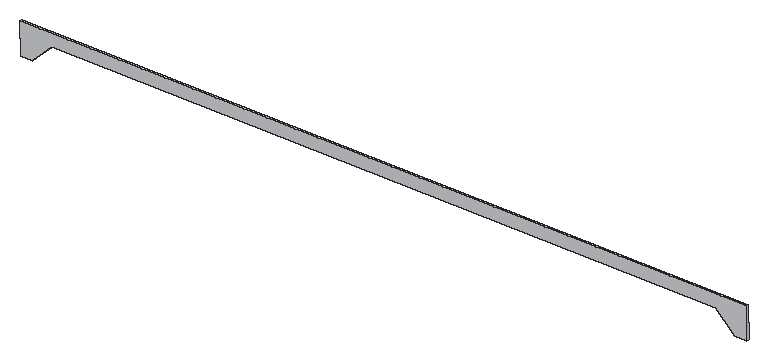
Revit family "Aisle Stretcher", category Specialty Equipment, Revit 2016
Family settings
  Part Type = Normal
  Round Connector Dimension = Use Diameter
  Work Plane-Based = No
  Always vertical = Yes
  Cut with Voids When Loaded = No
  Shared = No
  Room Calculation Point = No
Parameters
  Wall Version [instance] = not(Aisle Version)  # no
  Unit Height [instance] = 8' - 0"
  Aisle Width [instance] = 6' - 0"
  Aisle Version [instance] = yes
Reference planes (in)
  plane 1 "Center (Front/Back)": y = 0
  plane 2: z = 0
  plane 3 "Center (Left/Right)": x = 0
  plane 4: x = 72
  plane 5: z = 96
  plane 6: z = 95
  plane 7: x = 71.25
  plane 8: x = 0.75
Forms (in)
  Extrusion 1, solid, visible <- "Aisle Version"
    sketch origin (0, 0, 53.74066) x (1, 0, 0) y (0, 0, 1)
      loop
        line (0.75, 41.25934) -> (0.75, 38.25934) -> (2, 38.25934) -> (3.76777, 40.02711) -> (68.23223, 40.02711) -> (70, 38.25934) -> (71.25, 38.25934) -> (71.25, 41.25934) -> (0.75, 41.25934)
    from -0.0625 to 0.0625
  Extrusion 2, solid, visible <- "Wall Version"
    sketch origin (0, 0, 42.74066) x (1, 0, 0) y (0, 0, 1)
      loop
        line (0.125, 52.25934) -> (0.125, 55.25934) -> (0, 55.25934) -> (0, 51.02711) -> (68.23223, 51.02711) -> (70, 49.25934) -> (71.25, 49.25934) -> (71.25, 52.25934) -> (0.125, 52.25934)
    from -0.0625 to 0.0625
Lines and regions (in)
  model lines, style "Overhead"
    curve 1: line (0, 0, 0) -> (72, 0, 0)
Dimensions and locks (in)
  "Aisle Width": plane 4 to plane 3 "Center (Left/Right)"
  "Unit Height": plane 5 to level
  locked: Extrusion 1 sketch curve to Extrusion 1 sketch curve at 1.23223
  locked: Extrusion 1 sketch curve to Extrusion 1 sketch curve at 3  (x2)
  locked: plane 5 to plane 6 at 1
  plane 8 to plane 3 "Center (Left/Right)" = 0' - 0 3/4"
  locked: Extrusion 1 sketch curve to plane 8 at 1.25
  locked: Extrusion 1 sketch curve to plane 8 at 3.01777
  locked: plane 7 to Extrusion 1 sketch curve at 1.25
  locked: plane 7 to Extrusion 1 sketch curve at 3.01777
  locked: plane 4 to plane 7 at 0.75
  locked: Extrusion 2 sketch curve to Extrusion 2 sketch curve at 1.23223
  locked: Extrusion 2 sketch curve to Extrusion 2 sketch curve at 3  (x2)
  locked: Extrusion 2 sketch curve to Extrusion 2 sketch curve at 0.125
  aligned and locked: level to plane 2
  aligned and locked: Extrusion 1 sketch curve to plane 6
  aligned and locked: Extrusion 1 sketch curve to plane 8
  aligned and locked: Extrusion 1 sketch curve to plane 7
  aligned and locked: plane 3 "Center (Left/Right)" to curve 1
  aligned and locked: plane 4 to curve 1
  aligned and locked: plane 1 "Center (Front/Back)" to curve 1
  aligned and locked: Extrusion 2 to plane 6
Automatic sketch dimensions
  Extrusion 2 sketch curve to plane 3 "Center (Left/Right)" = 0' - 0"
  Extrusion 2 sketch curve to plane 7 = 0' - 0"
  Extrusion 2 sketch curve to plane 7 = 0' - 3.01777"
  Extrusion 2 sketch curve to plane 7 = 0' - 1 1/4"
  Extrusion 2 sketch curve to plane 6 = 0' - 3"
